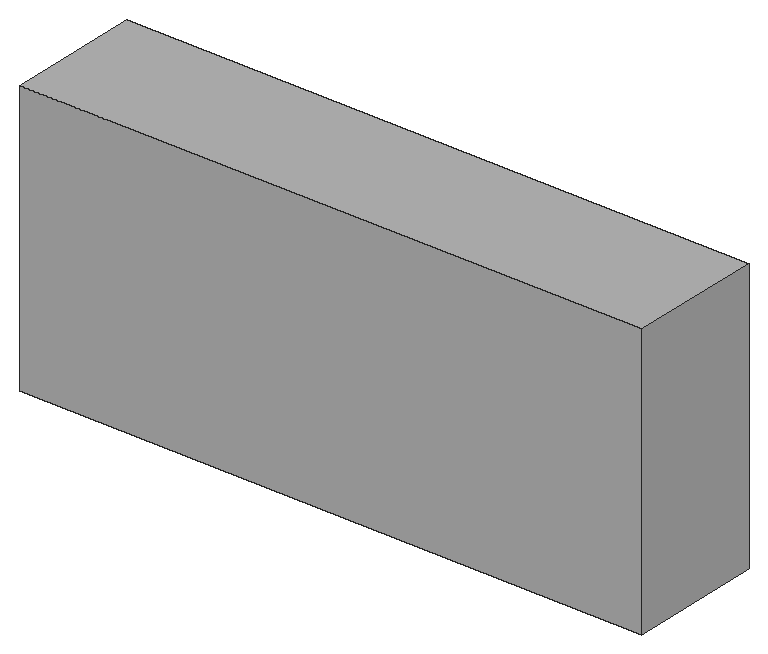
Revit family "215W x 440H R.C. Beam", category Generic Models, Revit 2020
Family settings
  Can host rebar = No
  Round Connector Dimension = Use Diameter
  Part Type = Normal
  Work Plane-Based = No
  Always vertical = Yes
  Cut with Voids When Loaded = No
  Shared = No
  Room Calculation Point = No
Parameters
  Weight = "228Kg/m"
  Warranty Guarantor Parts = "n/a"
  Warranty Guarantor Labour = "n/a"
  Warranty Duration Unit = "n/a"
  Warranty Duration Parts = "n/a"
  Warranty Duration Labour = "n/a"
  Warranty Description = "n/a"
  URL = "www.killeshal.com"
  Types = "Single"
  Type Comments = "Visit our website for a full list of available products."
  Sustainability Performance = "n/a"
  Structural Class = "n/a"
  Span = "Beam Length"
  Slope = "0.00°"
  Size = "215mm x 440mm"
  Shape = "Rectangular"
  Service Life = "0.000000"
  Serial Number = "n/a"
  Resistance to Fire = "Method 3. Design specification."
  Replacement Cost = "n/a"
  Reference = "n/a"
  Notified Body = "National Standards Authority of Ireland (NSAI)."
  Nominal Cover to Main Bar = "40mm"
  Model = "L/308 Concrete Beam"
  Mechanical Resistance = "Method 3. Design specification."
  Manufacturer = "Killeshal Precast Concrete Ltd."
  Load Bearing = yes
  Life Cycle Environmental Load = "n/a"
  Length Options = "All sizes available on request."
  Keynote = "The information contained is the sole property of KPC Ltd., any reproduction in part or whole without permission of KPC Ltd. is prohibited."
  Environmental Product Declaration = "n/a"
  Environmental Class = "n/a"
  Durability against Corrosion = "Design specification and critical dimensions as per product drawings."
  Dimension Accuracy Class = "I.S. EN 13225:2013"
  Detailing = "As per design specification and product drawings."
  Description = "215W x 440H R.C. Beam"
  Default Elevation = 0 mm
  Dangerous Substances = "No Exposure."
  Contact Tel = "0035357 9353018"
  Contact Email = "sales@killeshal.com"
  Construction Type = "Precast"
  Construction Tolerance Class = "I.S. EN 13225:2013"
  Compressive Strength of Concrete = "40N/mm²"
  Characteristics of Reinforcing Steel = "Ultimate Tensile Strength (UTS) 650Mpa. Tensile Yield Strength: 500Mpa."
  Characteristics Deflection Under Load = "Dependant on Length."
  Beam Width [instance] = 215 mm
  Beam Length [instance] = 1000 mm
  Beam Height [instance] = 440 mm
Reference planes
  plane 1 "Center (Front/Back)": y = 0
  plane 2: z = 0
  plane 3 "Center (Left/Right)": x = 0
  plane 4 "Rear": y = 107.5
  plane 5 "Front": y = -107.5
  plane 6 "Top": z = 440
Forms (mm)
  Extrusion 1, solid, material "Precast Concrete (KPC)"
    sketch origin (0, 0, 0) x (0, 1, 0) y (0, 0, 1)
      loop
        line (107.5, 0) -> (107.5, 440) -> (-107.5, 440) -> (-107.5, 0) -> (107.5, 0)
    from 0 to 1000
Dimensions and locks
  "Beam Width": Extrusion 1 to Extrusion 1
  "Beam Height": Extrusion 1 to Extrusion 1
  "Beam Length": Extrusion 1 to Extrusion 1
  aligned and locked: level to plane 2
Automatic sketch dimensions
  Extrusion 1 sketch curve to level = 0 mm
  Extrusion 1 sketch curve to plane 5 "Front" = 0 mm
  Extrusion 1 sketch curve to plane 4 "Rear" = 0 mm
  Extrusion 1 sketch curve to plane 6 "Top" = 0 mm
